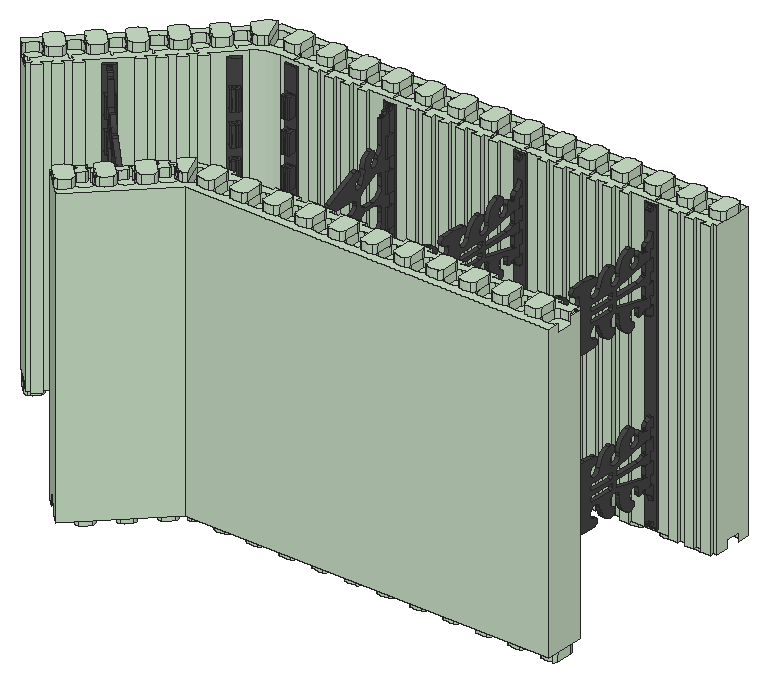
Revit family (continued)
Definition of nested family "10-inch Web"
  Forms (mm)
    Extrusion 1, solid, material "Polypropylene"
      sketch origin (0, 0, -12.7) x (0, 1, 0) y (0, 0, 1)
        loop
          arc (-109.254, 73.536) -> (-104.925, 73.101) -> (-104.225, 77.394) r 3.175
          arc (-104.225, 77.394) -> (-91.953, 89.52) -> (-90.498, 72.329) r 9.525
          arc (-90.498, 72.329) -> (-94.276, 63.126) -> (-85.072, 59.347) r 7.035
          arc (-85.072, 59.347) -> (-72.053, 69.448) -> (-67.064, 85.154) r 27.726
          line (-67.064, 85.154) -> (-67.077, 89.344)
          arc (-67.077, 89.344) -> (-52.509, 96.703) -> (-52.826, 80.385) r 9.525
          arc (-52.826, 80.385) -> (-56.604, 71.181) -> (-47.401, 67.403) r 7.035
          arc (-47.401, 67.403) -> (-34.716, 75.667) -> (-28.7, 89.559) r 26.266
          arc (-28.7, 89.559) -> (-14.132, 96.918) -> (-14.449, 80.599) r 9.525
          arc (-14.449, 80.599) -> (-16.694, 79.894) -> (-19.003, 79.442) r 21.187
          arc (-19.003, 79.442) -> (-23.197, 73.584) -> (-18.131, 68.461) r 5.588
          arc (-18.131, 68.461) -> (-9.105, 67.207) -> (0, 66.816) r 95.946
          arc (0, 66.816) -> (9.105, 67.207) -> (18.131, 68.461) r 95.946
          arc (18.131, 68.461) -> (23.197, 73.584) -> (19.003, 79.442) r 5.588
          arc (19.003, 79.442) -> (16.694, 79.894) -> (14.449, 80.599) r 21.187
          arc (14.449, 80.599) -> (14.132, 96.918) -> (28.7, 89.559) r 9.525
          arc (28.7, 89.559) -> (34.716, 75.667) -> (47.401, 67.403) r 26.266
          arc (47.401, 67.403) -> (56.604, 71.181) -> (52.826, 80.385) r 7.035
          arc (52.826, 80.385) -> (52.509, 96.703) -> (67.077, 89.344) r 9.525
          line (67.077, 89.344) -> (67.064, 85.154)
          arc (67.064, 85.154) -> (72.053, 69.448) -> (85.072, 59.347) r 27.726
          arc (85.072, 59.347) -> (94.276, 63.126) -> (90.498, 72.329) r 7.035
          arc (90.498, 72.329) -> (91.953, 89.52) -> (104.225, 77.394) r 9.525
          arc (104.225, 77.394) -> (104.925, 73.101) -> (109.254, 73.536) r 3.175
          arc (109.254, 73.536) -> (113.345, 76.504) -> (118.325, 77.373) r 11.21
          line (118.325, 77.373) -> (121.006, 77.373) -> (121.006, 75.594) -> (119.799, 75.594)
          arc (119.799, 75.594) -> (118.677, 75.13) -> (118.212, 74.007) r 1.588
          line (118.212, 74.007) -> (118.212, 72.292)
          arc (118.212, 72.292) -> (119.377, 68.626) -> (122.445, 66.306) r 6.35
          arc (122.445, 66.306) -> (128.581, 61.664) -> (130.912, 54.332) r 12.7
          line (130.912, 54.332) -> (130.912, 77.182)
          arc (130.912, 77.182) -> (130.447, 76.059) -> (129.324, 75.594) r 1.587
          line (129.324, 75.594) -> (123.292, 75.594) -> (123.292, 77.373) -> (125.959, 77.373) -> (125.959, 90.072)
        loop
          arc (118.339, 110.392) -> (116.978, 110.588) -> (115.707, 111.112) r 5.556
          arc (115.707, 111.112) -> (110.167, 113.307) -> (104.299, 114.352) r 29.724
          line (104.299, 114.352) -> (62.706, 114.352)
          arc (62.706, 114.352) -> (60.461, 113.422) -> (59.531, 111.177) r 3.175
          line (59.531, 111.177) -> (59.531, 105.785)
          arc (59.531, 105.785) -> (60.228, 103.8) -> (62.013, 102.687) r 3.175
          line (62.013, 102.687) -> (118.339, 90.072) -> (121.006, 90.072) -> (121.006, 91.85) -> (119.799, 91.85)
          arc (119.799, 91.85) -> (118.677, 92.315) -> (118.212, 93.438) r 1.588
          line (118.212, 93.438) -> (118.212, 107.027)
          arc (118.212, 107.027) -> (118.677, 108.15) -> (119.799, 108.614) r 1.588
          line (119.799, 108.614) -> (121.006, 108.614) -> (121.006, 110.392) -> (118.339, 110.392)
        loop
          line (118.339, 143.412) -> (62.013, 130.798)
          arc (62.013, 130.798) -> (60.228, 129.684) -> (59.531, 127.7) r 3.175
          line (59.531, 127.7) -> (59.531, 122.308)
          arc (59.531, 122.308) -> (60.461, 120.063) -> (62.706, 119.133) r 3.175
          line (62.706, 119.133) -> (104.299, 119.133)
          arc (104.299, 119.133) -> (110.167, 120.178) -> (115.707, 122.373) r 29.724
          arc (115.707, 122.373) -> (116.978, 122.897) -> (118.339, 123.092) r 5.556
          line (118.339, 123.092) -> (121.006, 123.092) -> (121.006, 124.87) -> (119.799, 124.87)
          arc (119.799, 124.87) -> (118.677, 125.335) -> (118.212, 126.458) r 1.588
          line (118.212, 126.458) -> (118.212, 140.047)
          arc (118.212, 140.047) -> (118.677, 141.17) -> (119.799, 141.634) r 1.588
          line (119.799, 141.634) -> (121.006, 141.634) -> (121.006, 143.412) -> (118.339, 143.412)
        loop
          arc (51.594, 103.307) -> (53.839, 104.237) -> (54.769, 106.482) r 3.175
          line (54.769, 106.482) -> (54.769, 111.155)
          arc (54.769, 111.155) -> (53.839, 113.4) -> (51.594, 114.33) r 3.175
          line (51.594, 114.33) -> (15.031, 114.33)
          arc (15.031, 114.33) -> (9.519, 108.818) -> (15.031, 103.307) r 5.512
          line (15.031, 103.307) -> (51.594, 103.307)
        loop
          arc (15.031, 130.178) -> (9.519, 124.667) -> (15.031, 119.155) r 5.512
          line (15.031, 119.155) -> (51.594, 119.155)
          arc (51.594, 119.155) -> (53.839, 120.085) -> (54.769, 122.33) r 3.175
          line (54.769, 122.33) -> (54.769, 127.003)
          arc (54.769, 127.003) -> (53.839, 129.248) -> (51.594, 130.178) r 3.175
          line (51.594, 130.178) -> (15.031, 130.178)
        loop
          line (-118.339, 110.392) -> (-121.006, 110.392) -> (-121.006, 108.614) -> (-119.799, 108.614)
          arc (-119.799, 108.614) -> (-118.677, 108.15) -> (-118.212, 107.027) r 1.588
          line (-118.212, 107.027) -> (-118.212, 93.438)
          arc (-118.212, 93.438) -> (-118.677, 92.315) -> (-119.799, 91.85) r 1.588
          line (-119.799, 91.85) -> (-121.006, 91.85) -> (-121.006, 90.072) -> (-118.339, 90.072) -> (-62.013, 102.687)
          arc (-62.013, 102.687) -> (-60.228, 103.8) -> (-59.531, 105.785) r 3.175
          line (-59.531, 105.785) -> (-59.531, 111.177)
          arc (-59.531, 111.177) -> (-60.461, 113.422) -> (-62.706, 114.352) r 3.175
          line (-62.706, 114.352) -> (-104.299, 114.352)
          arc (-104.299, 114.352) -> (-110.167, 113.307) -> (-115.707, 111.112) r 29.724
          arc (-115.707, 111.112) -> (-116.978, 110.588) -> (-118.339, 110.392) r 5.556
        loop
          line (-118.339, 143.412) -> (-121.006, 143.412) -> (-121.006, 141.634) -> (-119.799, 141.634)
          arc (-119.799, 141.634) -> (-118.677, 141.17) -> (-118.212, 140.047) r 1.588
          line (-118.212, 140.047) -> (-118.212, 126.458)
          arc (-118.212, 126.458) -> (-118.677, 125.335) -> (-119.799, 124.87) r 1.588
          line (-119.799, 124.87) -> (-121.006, 124.87) -> (-121.006, 123.092) -> (-118.339, 123.092)
          arc (-118.339, 123.092) -> (-116.978, 122.897) -> (-115.707, 122.373) r 5.556
          arc (-115.707, 122.373) -> (-110.167, 120.178) -> (-104.299, 119.133) r 29.724
          line (-104.299, 119.133) -> (-62.706, 119.133)
          arc (-62.706, 119.133) -> (-60.461, 120.063) -> (-59.531, 122.308) r 3.175
          line (-59.531, 122.308) -> (-59.531, 127.7)
          arc (-59.531, 127.7) -> (-60.228, 129.684) -> (-62.013, 130.798) r 3.175
          line (-62.013, 130.798) -> (-118.339, 143.412)
        loop
          line (-51.594, 103.307) -> (-15.031, 103.307)
          arc (-15.031, 103.307) -> (-9.519, 108.818) -> (-15.031, 114.33) r 5.512
          line (-15.031, 114.33) -> (-51.594, 114.33)
          arc (-51.594, 114.33) -> (-53.839, 113.4) -> (-54.769, 111.155) r 3.175
          line (-54.769, 111.155) -> (-54.769, 106.482)
          arc (-54.769, 106.482) -> (-53.839, 104.237) -> (-51.594, 103.307) r 3.175
        loop
          line (-15.031, 130.178) -> (-51.594, 130.178)
          arc (-51.594, 130.178) -> (-53.839, 129.248) -> (-54.769, 127.003) r 3.175
          line (-54.769, 127.003) -> (-54.769, 122.33)
          arc (-54.769, 122.33) -> (-53.839, 120.085) -> (-51.594, 119.155) r 3.175
          line (-51.594, 119.155) -> (-15.031, 119.155)
          arc (-15.031, 119.155) -> (-9.519, 124.667) -> (-15.031, 130.178) r 5.512
      from -3.175 to 3.175
    Extrusion 2, solid, material "Polypropylene"
      sketch origin (0, 0, 0) x (0, 1, 0) y (0, 0, 1)
        loop
          line (131.699, 452.438) -> (131.699, 4.762)
          arc (131.699, 4.762) -> (132.187, 3.618) -> (133.35, 3.176) r 1.588
          arc (133.35, 3.176) -> (134.513, 3.618) -> (135.001, 4.762) r 1.588
          line (135.001, 4.762) -> (135.001, 452.437)
          arc (135.001, 452.437) -> (134.513, 453.582) -> (133.35, 454.024) r 1.588
          arc (133.35, 454.024) -> (132.187, 453.582) -> (131.699, 452.438) r 1.588
        loop
          arc (-131.699, 452.438) -> (-132.187, 453.582) -> (-133.35, 454.024) r 1.588
          arc (-133.35, 454.024) -> (-134.513, 453.582) -> (-135.001, 452.437) r 1.588
          line (-135.001, 452.437) -> (-135.001, 4.762)
          arc (-135.001, 4.762) -> (-134.513, 3.618) -> (-133.35, 3.176) r 1.588
          arc (-133.35, 3.176) -> (-132.187, 3.618) -> (-131.699, 4.762) r 1.588
          line (-131.699, 4.762) -> (-131.699, 452.438)
      from -9.227 to 9.227
Definition of nested family "10-inch Insert Web"
  Reference planes
    plane 1 "Center (Front/Back)": y = 0
    plane 2: z = 0
    plane 3 "Center (Left/Right)": x = 0
  Forms (mm)
    Extrusion 1, solid, material "High Density Polystyrene"
      sketch origin (0, 0, 0) x (0, 1, 0) y (0, 0, 1)
        loop
          line (133.35, 0) -> (133.35, 450.744)
          arc (133.35, 450.744) -> (132.617, 450.243) -> (132.334, 449.4) r 1.397
          line (132.334, 449.4) -> (132.334, 1.344)
          arc (132.334, 1.344) -> (132.617, 0.502) -> (133.35, 0) r 1.397
        loop
          arc (-133.35, 0) -> (-132.617, 0.502) -> (-132.334, 1.344) r 1.397
          line (-132.334, 1.344) -> (-132.334, 449.4)
          arc (-132.334, 449.4) -> (-132.617, 450.243) -> (-133.35, 450.744) r 1.397
          line (-133.35, 450.744) -> (-133.35, 0)
      from 9.227 to -9.227
    Extrusion 2, solid, material "High Density Polystyrene"
      sketch origin (0, 0, 0) x (0, 1, 0) y (0, 0, 1)
        loop
          arc (131.798, 442.16) -> (132.175, 442.021) -> (132.334, 441.652) r 0.508
          line (132.334, 441.652) -> (132.334, 447.972)
          arc (132.334, 447.972) -> (132.229, 447.585) -> (131.942, 447.306) r 0.762
          line (131.942, 447.306) -> (130.186, 446.33)
          arc (130.186, 446.33) -> (129.899, 446.05) -> (129.794, 445.664) r 0.762
          line (129.794, 445.664) -> (129.794, 442.585)
          arc (129.794, 442.585) -> (129.953, 442.216) -> (130.33, 442.078) r 0.508
          line (130.33, 442.078) -> (131.798, 442.16)
        loop
          line (-130.186, 446.33) -> (-131.942, 447.306)
          arc (-131.942, 447.306) -> (-132.229, 447.585) -> (-132.334, 447.972) r 0.762
          line (-132.334, 447.972) -> (-132.334, 441.652)
          arc (-132.334, 441.652) -> (-132.175, 442.021) -> (-131.798, 442.16) r 0.508
          line (-131.798, 442.16) -> (-130.33, 442.078)
          arc (-130.33, 442.078) -> (-129.953, 442.216) -> (-129.794, 442.585) r 0.508
          line (-129.794, 442.585) -> (-129.794, 445.664)
          arc (-129.794, 445.664) -> (-129.899, 446.05) -> (-130.186, 446.33) r 0.762
        loop
          line (131.798, 8.585) -> (130.33, 8.666)
          arc (130.33, 8.666) -> (129.953, 8.528) -> (129.794, 8.159) r 0.508
          line (129.794, 8.159) -> (129.794, 5.08)
          arc (129.794, 5.08) -> (129.899, 4.694) -> (130.186, 4.414) r 0.762
          line (130.186, 4.414) -> (131.942, 3.439)
          arc (131.942, 3.439) -> (132.229, 3.159) -> (132.334, 2.772) r 0.762
          line (132.334, 2.772) -> (132.334, 9.092)
          arc (132.334, 9.092) -> (132.175, 8.723) -> (131.798, 8.585) r 0.508
        loop
          arc (-130.186, 4.414) -> (-129.899, 4.694) -> (-129.794, 5.08) r 0.762
          line (-129.794, 5.08) -> (-129.794, 8.159)
          arc (-129.794, 8.159) -> (-129.953, 8.528) -> (-130.33, 8.666) r 0.508
          line (-130.33, 8.666) -> (-131.798, 8.585)
          arc (-131.798, 8.585) -> (-132.175, 8.723) -> (-132.334, 9.092) r 0.508
          line (-132.334, 9.092) -> (-132.334, 2.772)
          arc (-132.334, 2.772) -> (-132.229, 3.159) -> (-131.942, 3.439) r 0.762
          line (-131.942, 3.439) -> (-130.186, 4.414)
        loop
          line (127, 437.076) -> (125.095, 442.918)
          arc (125.095, 442.918) -> (123.825, 443.68) -> (122.555, 442.918) r 1.439
          line (122.555, 442.918) -> (121.313, 439.108) -> (118.083, 439.108)
          arc (118.083, 439.108) -> (117.204, 438.744) -> (116.84, 437.865) r 1.243
          line (116.84, 437.865) -> (116.84, 437.076) -> (114.3, 437.076) -> (114.3, 400.201)
          arc (114.3, 400.201) -> (112.544, 393.421) -> (107.718, 388.345) r 13.97
          arc (107.718, 388.345) -> (106.485, 386.915) -> (106.281, 385.039) r 3.175
          arc (106.281, 385.039) -> (94.976, 376.743) -> (95.802, 390.741) r 7.747
          arc (95.802, 390.741) -> (98.914, 398.005) -> (91.65, 401.117) r 5.588
          arc (91.65, 401.117) -> (82.659, 393.619) -> (79.799, 382.266) r 18.923
          arc (79.799, 382.266) -> (78.691, 371.727) -> (75.421, 361.646) r 50.8
          arc (75.421, 361.646) -> (62.744, 361.552) -> (66.95, 373.51) r 7.747
          arc (66.95, 373.51) -> (70.834, 381.929) -> (61.911, 384.447) r 6.096
          line (61.911, 384.447) -> (12.7, 361.328)
          arc (12.7, 361.328) -> (6.523, 359.099) -> (0, 358.343) r 28.508
          arc (0, 358.343) -> (-6.523, 359.099) -> (-12.7, 361.328) r 28.508
          line (-12.7, 361.328) -> (-61.911, 384.447)
          arc (-61.911, 384.447) -> (-70.834, 381.929) -> (-66.95, 373.51) r 6.096
          arc (-66.95, 373.51) -> (-62.744, 361.552) -> (-75.421, 361.646) r 7.747
          arc (-75.421, 361.646) -> (-78.691, 371.727) -> (-79.799, 382.266) r 50.8
          arc (-79.799, 382.266) -> (-82.659, 393.619) -> (-91.65, 401.117) r 18.923
          arc (-91.65, 401.117) -> (-98.914, 398.005) -> (-95.802, 390.741) r 5.588
          arc (-95.802, 390.741) -> (-94.976, 376.743) -> (-106.281, 385.039) r 7.747
          arc (-106.281, 385.039) -> (-106.485, 386.915) -> (-107.718, 388.345) r 3.175
          arc (-107.718, 388.345) -> (-112.544, 393.421) -> (-114.3, 400.201) r 13.97
          line (-114.3, 400.201) -> (-114.3, 437.076) -> (-116.84, 437.076) -> (-116.84, 437.865)
          arc (-116.84, 437.865) -> (-117.204, 438.744) -> (-118.083, 439.108) r 1.243
          line (-118.083, 439.108) -> (-121.313, 439.108) -> (-122.555, 442.918)
          arc (-122.555, 442.918) -> (-123.825, 443.68) -> (-125.095, 442.918) r 1.439
          line (-125.095, 442.918) -> (-127, 437.076) -> (-127, 16.896) -> (-125.095, 11.054)
          arc (-125.095, 11.054) -> (-123.825, 10.292) -> (-122.555, 11.054) r 1.439
          line (-122.555, 11.054) -> (-121.313, 14.864) -> (-118.083, 14.864)
          arc (-118.083, 14.864) -> (-117.204, 15.228) -> (-116.84, 16.107) r 1.243
          line (-116.84, 16.107) -> (-116.84, 16.896) -> (-114.3, 16.896) -> (-114.3, 56.999)
          arc (-114.3, 56.999) -> (-112.544, 63.779) -> (-107.718, 68.855) r 13.97
          arc (-107.718, 68.855) -> (-106.485, 70.285) -> (-106.281, 72.161) r 3.175
          arc (-106.281, 72.161) -> (-94.976, 80.457) -> (-95.802, 66.459) r 7.747
          arc (-95.802, 66.459) -> (-98.914, 59.195) -> (-91.65, 56.083) r 5.588
          arc (-91.65, 56.083) -> (-82.659, 63.581) -> (-79.799, 74.934) r 18.923
          arc (-79.799, 74.934) -> (-78.691, 85.473) -> (-75.421, 95.554) r 50.8
          arc (-75.421, 95.554) -> (-62.744, 95.648) -> (-66.95, 83.69) r 7.747
          arc (-66.95, 83.69) -> (-70.834, 75.271) -> (-61.911, 72.753) r 6.096
          line (-61.911, 72.753) -> (-12.7, 95.872)
          arc (-12.7, 95.872) -> (-6.523, 98.101) -> (0, 98.857) r 28.508
          arc (0, 98.857) -> (6.523, 98.101) -> (12.7, 95.872) r 28.508
          line (12.7, 95.872) -> (61.911, 72.753)
          arc (61.911, 72.753) -> (70.834, 75.271) -> (66.95, 83.69) r 6.096
          arc (66.95, 83.69) -> (62.744, 95.648) -> (75.421, 95.554) r 7.747
          arc (75.421, 95.554) -> (78.691, 85.473) -> (79.799, 74.934) r 50.8
          arc (79.799, 74.934) -> (82.659, 63.581) -> (91.65, 56.083) r 18.923
          arc (91.65, 56.083) -> (98.914, 59.195) -> (95.802, 66.459) r 5.588
          arc (95.802, 66.459) -> (94.976, 80.457) -> (106.281, 72.161) r 7.747
          arc (106.281, 72.161) -> (106.485, 70.285) -> (107.718, 68.855) r 3.175
          arc (107.718, 68.855) -> (112.544, 63.779) -> (114.3, 56.999) r 13.97
          line (114.3, 56.999) -> (114.3, 16.896) -> (116.84, 16.896) -> (116.84, 16.107)
          arc (116.84, 16.107) -> (117.204, 15.228) -> (118.083, 14.864) r 1.243
          line (118.083, 14.864) -> (121.313, 14.864) -> (122.555, 11.054)
          arc (122.555, 11.054) -> (123.825, 10.292) -> (125.095, 11.054) r 1.439
          line (125.095, 11.054) -> (127, 16.896) -> (127, 437.076)
        loop
          line (0, 348.183) -> (-51.41, 348.183)
          arc (-51.41, 348.183) -> (-54.937, 348.292) -> (-58.451, 348.618) r 57.15
          arc (-58.451, 348.618) -> (-63.029, 345.093) -> (-66.04, 340.162) r 15.855
          line (-66.04, 340.162) -> (-66.04, 336.963)
          arc (-66.04, 336.963) -> (-62.352, 331.126) -> (-56.515, 327.438) r 15.684
          line (-56.515, 327.438) -> (0, 327.438) -> (56.515, 327.438)
          arc (56.515, 327.438) -> (62.352, 331.126) -> (66.04, 336.963) r 15.684
          line (66.04, 336.963) -> (66.04, 340.162)
          arc (66.04, 340.162) -> (63.029, 345.093) -> (58.451, 348.618) r 15.855
          arc (58.451, 348.618) -> (54.937, 348.292) -> (51.41, 348.183) r 57.15
          line (51.41, 348.183) -> (0, 348.183)
        loop
          line (0, 322.866) -> (-56.535, 322.866)
          arc (-56.535, 322.866) -> (-62.36, 319.178) -> (-66.04, 313.348) r 15.684
          line (-66.04, 313.348) -> (-66.04, 310.148)
          arc (-66.04, 310.148) -> (-63.03, 305.218) -> (-58.453, 301.693) r 15.855
          arc (-58.453, 301.693) -> (-54.928, 302.022) -> (-51.389, 302.131) r 57.15
          line (-51.389, 302.131) -> (0, 302.131) -> (51.389, 302.131)
          arc (51.389, 302.131) -> (54.928, 302.022) -> (58.453, 301.693) r 57.15
          arc (58.453, 301.693) -> (63.03, 305.218) -> (66.04, 310.148) r 15.855
          line (66.04, 310.148) -> (66.04, 313.348)
          arc (66.04, 313.348) -> (62.36, 319.178) -> (56.535, 322.866) r 15.684
          line (56.535, 322.866) -> (0, 322.866)
        loop
          line (78.437, 295.422) -> (100.738, 284.985)
          arc (100.738, 284.985) -> (109.887, 285.575) -> (114.3, 293.612) r 9.525
          line (114.3, 293.612) -> (114.3, 306.991)
          arc (114.3, 306.991) -> (109.65, 318.216) -> (98.425, 322.866) r 15.875
          line (98.425, 322.866) -> (83.82, 322.866)
          arc (83.82, 322.866) -> (74.84, 319.146) -> (71.12, 310.166) r 12.7
          line (71.12, 310.166) -> (71.12, 306.925)
          arc (71.12, 306.925) -> (73.104, 300.108) -> (78.437, 295.422) r 12.7
        loop
          line (114.3, 343.313) -> (114.3, 356.692)
          arc (114.3, 356.692) -> (109.887, 364.729) -> (100.738, 365.319) r 9.525
          line (100.738, 365.319) -> (78.437, 354.882)
          arc (78.437, 354.882) -> (73.104, 350.196) -> (71.12, 343.38) r 12.7
          line (71.12, 343.38) -> (71.12, 340.138)
          arc (71.12, 340.138) -> (74.84, 331.158) -> (83.82, 327.438) r 12.7
          line (83.82, 327.438) -> (98.425, 327.438)
          arc (98.425, 327.438) -> (109.65, 332.088) -> (114.3, 343.313) r 15.875
        loop
          line (106.983, 277.014) -> (75.025, 291.971)
          arc (75.025, 291.971) -> (63.208, 295.996) -> (50.8, 297.359) r 57.15
          line (50.8, 297.359) -> (0, 297.359) -> (-50.8, 297.359)
          arc (-50.8, 297.359) -> (-63.208, 295.996) -> (-75.025, 291.971) r 57.15
          line (-75.025, 291.971) -> (-106.983, 277.014)
          arc (-106.983, 277.014) -> (-112.316, 272.328) -> (-114.3, 265.512) r 12.7
          line (-114.3, 265.512) -> (-114.3, 236.534) -> (-111.252, 231.454) -> (-111.252, 228.6) -> (-111.252, 225.746) -> (-114.3, 220.666) -> (-114.3, 191.688)
          arc (-114.3, 191.688) -> (-112.316, 184.872) -> (-106.983, 180.186) r 12.7
          line (-106.983, 180.186) -> (-75.025, 165.229)
          arc (-75.025, 165.229) -> (-63.208, 161.204) -> (-50.8, 159.841) r 57.15
          line (-50.8, 159.841) -> (0, 159.841) -> (50.8, 159.841)
          arc (50.8, 159.841) -> (63.208, 161.204) -> (75.025, 165.229) r 57.15
          line (75.025, 165.229) -> (106.983, 180.186)
          arc (106.983, 180.186) -> (112.316, 184.872) -> (114.3, 191.688) r 12.7
          line (114.3, 191.688) -> (114.3, 220.666) -> (111.252, 225.746) -> (111.252, 228.6) -> (111.252, 231.454) -> (114.3, 236.534) -> (114.3, 265.512)
          arc (114.3, 265.512) -> (112.316, 272.328) -> (106.983, 277.014) r 12.7
        loop
          arc (-78.437, 295.422) -> (-73.104, 300.108) -> (-71.12, 306.925) r 12.7
          line (-71.12, 306.925) -> (-71.12, 310.166)
          arc (-71.12, 310.166) -> (-74.84, 319.146) -> (-83.82, 322.866) r 12.7
          line (-83.82, 322.866) -> (-98.425, 322.866)
          arc (-98.425, 322.866) -> (-109.65, 318.216) -> (-114.3, 306.991) r 15.875
          line (-114.3, 306.991) -> (-114.3, 293.612)
          arc (-114.3, 293.612) -> (-109.887, 285.575) -> (-100.738, 284.985) r 9.525
          line (-100.738, 284.985) -> (-78.437, 295.422)
        loop
          arc (-114.3, 343.313) -> (-109.65, 332.088) -> (-98.425, 327.438) r 15.875
          line (-98.425, 327.438) -> (-83.82, 327.438)
          arc (-83.82, 327.438) -> (-74.84, 331.158) -> (-71.12, 340.138) r 12.7
          line (-71.12, 340.138) -> (-71.12, 343.38)
          arc (-71.12, 343.38) -> (-73.104, 350.196) -> (-78.437, 354.882) r 12.7
          line (-78.437, 354.882) -> (-100.738, 365.319)
          arc (-100.738, 365.319) -> (-109.887, 364.729) -> (-114.3, 356.692) r 9.525
          line (-114.3, 356.692) -> (-114.3, 343.313)
        loop
          line (0, 109.017) -> (51.41, 109.017)
          arc (51.41, 109.017) -> (54.937, 108.908) -> (58.451, 108.582) r 57.15
          arc (58.451, 108.582) -> (63.029, 112.107) -> (66.04, 117.038) r 15.855
          line (66.04, 117.038) -> (66.04, 120.237)
          arc (66.04, 120.237) -> (62.352, 126.074) -> (56.515, 129.762) r 15.684
          line (56.515, 129.762) -> (0, 129.762) -> (-56.515, 129.762)
          arc (-56.515, 129.762) -> (-62.352, 126.074) -> (-66.04, 120.237) r 15.684
          line (-66.04, 120.237) -> (-66.04, 117.038)
          arc (-66.04, 117.038) -> (-63.029, 112.107) -> (-58.451, 108.582) r 15.855
          arc (-58.451, 108.582) -> (-54.937, 108.908) -> (-51.41, 109.017) r 57.15
          line (-51.41, 109.017) -> (0, 109.017)
        loop
          line (0, 134.334) -> (56.535, 134.334)
          arc (56.535, 134.334) -> (62.36, 138.022) -> (66.04, 143.852) r 15.684
          line (66.04, 143.852) -> (66.04, 147.052)
          arc (66.04, 147.052) -> (63.03, 151.982) -> (58.453, 155.507) r 15.855
          arc (58.453, 155.507) -> (54.928, 155.178) -> (51.389, 155.069) r 57.15
          line (51.389, 155.069) -> (0, 155.069) -> (-51.389, 155.069)
          arc (-51.389, 155.069) -> (-54.928, 155.178) -> (-58.453, 155.507) r 57.15
          arc (-58.453, 155.507) -> (-63.03, 151.982) -> (-66.04, 147.052) r 15.855
          line (-66.04, 147.052) -> (-66.04, 143.852)
          arc (-66.04, 143.852) -> (-62.36, 138.022) -> (-56.535, 134.334) r 15.684
          line (-56.535, 134.334) -> (0, 134.334)
        loop
          arc (78.437, 161.778) -> (73.104, 157.092) -> (71.12, 150.275) r 12.7
          line (71.12, 150.275) -> (71.12, 147.034)
          arc (71.12, 147.034) -> (74.84, 138.054) -> (83.82, 134.334) r 12.7
          line (83.82, 134.334) -> (98.425, 134.334)
          arc (98.425, 134.334) -> (109.65, 138.984) -> (114.3, 150.209) r 15.875
          line (114.3, 150.209) -> (114.3, 163.588)
          arc (114.3, 163.588) -> (109.887, 171.625) -> (100.738, 172.215) r 9.525
          line (100.738, 172.215) -> (78.437, 161.778)
        loop
          arc (114.3, 113.887) -> (109.65, 125.112) -> (98.425, 129.762) r 15.875
          line (98.425, 129.762) -> (83.82, 129.762)
          arc (83.82, 129.762) -> (74.84, 126.042) -> (71.12, 117.062) r 12.7
          line (71.12, 117.062) -> (71.12, 113.82)
          arc (71.12, 113.82) -> (73.104, 107.004) -> (78.437, 102.318) r 12.7
          line (78.437, 102.318) -> (100.738, 91.881)
          arc (100.738, 91.881) -> (109.887, 92.471) -> (114.3, 100.508) r 9.525
          line (114.3, 100.508) -> (114.3, 113.887)
        loop
          line (-78.437, 161.778) -> (-100.738, 172.215)
          arc (-100.738, 172.215) -> (-109.887, 171.625) -> (-114.3, 163.588) r 9.525
          line (-114.3, 163.588) -> (-114.3, 150.209)
          arc (-114.3, 150.209) -> (-109.65, 138.984) -> (-98.425, 134.334) r 15.875
          line (-98.425, 134.334) -> (-83.82, 134.334)
          arc (-83.82, 134.334) -> (-74.84, 138.054) -> (-71.12, 147.034) r 12.7
          line (-71.12, 147.034) -> (-71.12, 150.275)
          arc (-71.12, 150.275) -> (-73.104, 157.092) -> (-78.437, 161.778) r 12.7
        loop
          line (-114.3, 113.887) -> (-114.3, 100.508)
          arc (-114.3, 100.508) -> (-109.887, 92.471) -> (-100.738, 91.881) r 9.525
          line (-100.738, 91.881) -> (-78.437, 102.318)
          arc (-78.437, 102.318) -> (-73.104, 107.004) -> (-71.12, 113.82) r 12.7
          line (-71.12, 113.82) -> (-71.12, 117.062)
          arc (-71.12, 117.062) -> (-74.84, 126.042) -> (-83.82, 129.762) r 12.7
          line (-83.82, 129.762) -> (-98.425, 129.762)
          arc (-98.425, 129.762) -> (-109.65, 125.112) -> (-114.3, 113.887) r 15.875
      from 3.175 to -3.175
    Extrusion 3, solid, material "High Density Polystyrene"
      sketch origin (0, 0, 0) x (0, 1, 0) y (0, 0, 1)
        loop
          line (132.334, 410.919) -> (119.634, 410.919) -> (119.634, 380.439) -> (132.334, 380.439) -> (132.334, 410.919)
        loop
          line (132.334, 361.389) -> (119.634, 361.389) -> (119.634, 330.909) -> (132.334, 330.909) -> (132.334, 361.389)
        loop
          line (132.334, 311.859) -> (119.634, 311.859) -> (119.634, 281.379) -> (132.334, 281.379) -> (132.334, 311.859)
        loop
          line (132.334, 262.329) -> (119.634, 262.329) -> (119.634, 234.897) -> (132.334, 234.897) -> (132.334, 262.329)
        loop
          line (132.334, 215.847) -> (119.634, 215.847) -> (119.634, 188.415) -> (132.334, 188.415) -> (132.334, 215.847)
        loop
          line (132.334, 169.365) -> (119.634, 169.365) -> (119.634, 138.885) -> (132.334, 138.885) -> (132.334, 169.365)
        loop
          line (132.334, 119.835) -> (119.634, 119.835) -> (119.634, 89.355) -> (132.334, 89.355) -> (132.334, 119.835)
        loop
          line (132.334, 70.305) -> (119.634, 70.305) -> (119.634, 39.825) -> (132.334, 39.825) -> (132.334, 70.305)
        loop
          line (-132.334, 410.919) -> (-132.334, 380.439) -> (-119.634, 380.439) -> (-119.634, 410.919) -> (-132.334, 410.919)
        loop
          line (-132.334, 361.389) -> (-132.334, 330.909) -> (-119.634, 330.909) -> (-119.634, 361.389) -> (-132.334, 361.389)
        loop
          line (-132.334, 311.859) -> (-132.334, 281.379) -> (-119.634, 281.379) -> (-119.634, 311.859) -> (-132.334, 311.859)
        loop
          line (-132.334, 262.329) -> (-132.334, 234.897) -> (-119.634, 234.897) -> (-119.634, 262.329) -> (-132.334, 262.329)
        loop
          line (-132.334, 215.847) -> (-132.334, 188.415) -> (-119.634, 188.415) -> (-119.634, 215.847) -> (-132.334, 215.847)
        loop
          line (-132.334, 169.365) -> (-132.334, 138.885) -> (-119.634, 138.885) -> (-119.634, 169.365) -> (-132.334, 169.365)
        loop
          line (-132.334, 119.835) -> (-132.334, 89.355) -> (-119.634, 89.355) -> (-119.634, 119.835) -> (-132.334, 119.835)
        loop
          line (-132.334, 70.305) -> (-132.334, 39.825) -> (-119.634, 39.825) -> (-119.634, 70.305) -> (-132.334, 70.305)
      from 6.35 to -6.35
    Extrusion 4, void
      sketch origin (0, 50.8, 0) x (1, 0, 0) y (0, 1, 0)
        loop
          line (-6.35, 70.929) -> (-6.35, 68.834) -> (-4.255, 68.834)
          arc (-4.255, 68.834) -> (-5.736, 69.448) -> (-6.35, 70.929) r 2.095
      from 0 to 457.2
    Extrusion 5, void
      sketch origin (0, 50.8, 0) x (-1, 0, 0) y (0, -1, 0)
        loop
          arc (-6.35, -70.929) -> (-5.736, -69.448) -> (-4.255, -68.834) r 2.095
          line (-4.255, -68.834) -> (-6.35, -68.834) -> (-6.35, -70.929)
      from 0 to 457.2
    Extrusion 6, void
      sketch origin (0, -50.8, 0) x (1, 0, 0) y (0, 1, 0)
        loop
          arc (-6.35, -70.929) -> (-5.736, -69.448) -> (-4.255, -68.834) r 2.095
          line (-4.255, -68.834) -> (-6.35, -68.834) -> (-6.35, -70.929)
      from 0 to 457.2
    Extrusion 7, void
      sketch origin (0, -50.8, 0) x (-1, 0, 0) y (0, -1, 0)
        loop
          line (-6.35, 70.929) -> (-6.35, 68.834) -> (-4.255, 68.834)
          arc (-4.255, 68.834) -> (-5.736, 69.448) -> (-6.35, 70.929) r 2.095
      from 0 to 457.2
  Cuts and joins
    Extrusion 4, Extrusion 5, Extrusion 6, Extrusion 7 cuts Extrusion 1
    Extrusion 4, Extrusion 5, Extrusion 6, Extrusion 7 cuts Extrusion 3
Definition of nested family "NUDURA Diamond Pattern"
  Reference planes
    plane 1 "Center (Front/Back)": y = 0
    plane 2: z = 0
    plane 3 "Center (Left/Right)": x = 0
    plane 4: z = 457.2
  Lines and regions (mm)
    model lines
      curve 1: line (203.2, -142.875, 457.2) -> (203.2, -142.875, 0)
      curve 2: line (152.4, -142.875, 457.2) -> (152.4, -142.875, 0)
      curve 3: line (50.8, -142.875, 457.2) -> (50.8, -142.875, 0)
      curve 4: line (85.183, -142.875, 431.415) -> (93.906, -142.875, 422.692)
      curve 5: arc (85.183, -142.875, 444.885) -> (82.394, -142.875, 438.15) -> (85.183, -142.875, 431.415) r 9.525
      curve 6: line (94.708, -142.875, 454.41) -> (85.183, -142.875, 444.885)
      curve 7: arc (108.179, -142.875, 454.41) -> (101.444, -142.875, 457.2) -> (94.708, -142.875, 454.41) r 9.525
      curve 8: line (117.704, -142.875, 444.885) -> (108.179, -142.875, 454.41)
      curve 9: arc (117.704, -142.875, 431.415) -> (120.494, -142.875, 438.15) -> (117.704, -142.875, 444.885) r 9.525
      curve 10: line (108.981, -142.875, 422.692) -> (117.704, -142.875, 431.415)
      curve 11: arc (105.934, -142.875, 452.165) -> (101.444, -142.875, 454.025) -> (96.953, -142.875, 452.165) r 6.35
      curve 12: line (115.459, -142.875, 442.64) -> (105.934, -142.875, 452.165)
      curve 13: arc (115.459, -142.875, 433.66) -> (117.319, -142.875, 438.15) -> (115.459, -142.875, 442.64) r 6.35
      curve 14: line (105.934, -142.875, 424.135) -> (115.459, -142.875, 433.66)
      curve 15: arc (96.953, -142.875, 424.135) -> (101.444, -142.875, 422.275) -> (105.934, -142.875, 424.135) r 6.35
      curve 16: line (87.428, -142.875, 433.66) -> (96.953, -142.875, 424.135)
      curve 17: arc (87.428, -142.875, 442.64) -> (85.569, -142.875, 438.15) -> (87.428, -142.875, 433.66) r 6.35
      curve 18: line (96.953, -142.875, 452.165) -> (87.428, -142.875, 442.64)
      curve 19: arc (93.906, -142.875, 415.508) -> (95.394, -142.875, 419.1) -> (93.906, -142.875, 422.692) r 5.08
      curve 20: line (117.704, -142.875, 406.785) -> (108.981, -142.875, 415.508)
      curve 21: arc (117.704, -142.875, 393.315) -> (120.494, -142.875, 400.05) -> (117.704, -142.875, 406.785) r 9.525
      curve 22: line (108.981, -142.875, 384.592) -> (117.704, -142.875, 393.315)
      curve 23: line (85.183, -142.875, 393.315) -> (93.906, -142.875, 384.592)
      curve 24: arc (85.183, -142.875, 406.785) -> (82.394, -142.875, 400.05) -> (85.183, -142.875, 393.315) r 9.525
      curve 25: line (93.906, -142.875, 415.508) -> (85.183, -142.875, 406.785)
      curve 26: arc (105.934, -142.875, 414.065) -> (101.444, -142.875, 415.925) -> (96.953, -142.875, 414.065) r 6.35
      curve 27: line (96.953, -142.875, 414.065) -> (87.428, -142.875, 404.54)
      curve 28: arc (87.428, -142.875, 404.54) -> (85.569, -142.875, 400.05) -> (87.428, -142.875, 395.56) r 6.35
      curve 29: line (87.428, -142.875, 395.56) -> (96.953, -142.875, 386.035)
      curve 30: arc (96.953, -142.875, 386.035) -> (101.444, -142.875, 384.175) -> (105.934, -142.875, 386.035) r 6.35
      curve 31: line (105.934, -142.875, 386.035) -> (115.459, -142.875, 395.56)
      curve 32: arc (115.459, -142.875, 395.56) -> (117.319, -142.875, 400.05) -> (115.459, -142.875, 404.54) r 6.35
      curve 33: line (115.459, -142.875, 404.54) -> (105.934, -142.875, 414.065)
      curve 34: arc (93.906, -142.875, 377.408) -> (95.394, -142.875, 381) -> (93.906, -142.875, 384.592) r 5.08
      curve 35: line (117.704, -142.875, 368.685) -> (108.981, -142.875, 377.408)
      curve 36: arc (117.704, -142.875, 355.215) -> (120.494, -142.875, 361.95) -> (117.704, -142.875, 368.685) r 9.525
      curve 37: line (108.981, -142.875, 346.492) -> (117.704, -142.875, 355.215)
      curve 38: line (85.183, -142.875, 355.215) -> (93.906, -142.875, 346.492)
      curve 39: arc (85.183, -142.875, 368.685) -> (82.394, -142.875, 361.95) -> (85.183, -142.875, 355.215) r 9.525
      curve 40: line (93.906, -142.875, 377.408) -> (85.183, -142.875, 368.685)
      curve 41: arc (105.934, -142.875, 375.965) -> (101.444, -142.875, 377.825) -> (96.953, -142.875, 375.965) r 6.35
      curve 42: line (96.953, -142.875, 375.965) -> (87.428, -142.875, 366.44)
      curve 43: arc (87.428, -142.875, 366.44) -> (85.569, -142.875, 361.95) -> (87.428, -142.875, 357.46) r 6.35
      curve 44: line (87.428, -142.875, 357.46) -> (96.953, -142.875, 347.935)
      curve 45: arc (96.953, -142.875, 347.935) -> (101.444, -142.875, 346.075) -> (105.934, -142.875, 347.935) r 6.35
      curve 46: line (105.934, -142.875, 347.935) -> (115.459, -142.875, 357.46)
      curve 47: arc (115.459, -142.875, 357.46) -> (117.319, -142.875, 361.95) -> (115.459, -142.875, 366.44) r 6.35
      curve 48: line (115.459, -142.875, 366.44) -> (105.934, -142.875, 375.965)
      curve 49: arc (93.906, -142.875, 339.308) -> (95.394, -142.875, 342.9) -> (93.906, -142.875, 346.492) r 5.08
      curve 50: line (117.704, -142.875, 330.585) -> (108.981, -142.875, 339.308)
      curve 51: arc (117.704, -142.875, 317.115) -> (120.494, -142.875, 323.85) -> (117.704, -142.875, 330.585) r 9.525
      curve 52: line (108.981, -142.875, 308.392) -> (117.704, -142.875, 317.115)
      curve 53: line (85.183, -142.875, 317.115) -> (93.906, -142.875, 308.392)
      curve 54: arc (85.183, -142.875, 330.585) -> (82.394, -142.875, 323.85) -> (85.183, -142.875, 317.115) r 9.525
      curve 55: line (93.906, -142.875, 339.308) -> (85.183, -142.875, 330.585)
      curve 56: arc (105.934, -142.875, 337.865) -> (101.444, -142.875, 339.725) -> (96.953, -142.875, 337.865) r 6.35
      curve 57: line (96.953, -142.875, 337.865) -> (87.428, -142.875, 328.34)
      curve 58: arc (87.428, -142.875, 328.34) -> (85.569, -142.875, 323.85) -> (87.428, -142.875, 319.36) r 6.35
      curve 59: line (87.428, -142.875, 319.36) -> (96.953, -142.875, 309.835)
      curve 60: arc (96.953, -142.875, 309.835) -> (101.444, -142.875, 307.975) -> (105.934, -142.875, 309.835) r 6.35
      curve 61: line (105.934, -142.875, 309.835) -> (115.459, -142.875, 319.36)
      curve 62: arc (115.459, -142.875, 319.36) -> (117.319, -142.875, 323.85) -> (115.459, -142.875, 328.34) r 6.35
      curve 63: line (115.459, -142.875, 328.34) -> (105.934, -142.875, 337.865)
      curve 64: arc (93.906, -142.875, 301.208) -> (95.394, -142.875, 304.8) -> (93.906, -142.875, 308.392) r 5.08
      curve 65: line (117.704, -142.875, 292.485) -> (108.981, -142.875, 301.208)
      curve 66: arc (117.704, -142.875, 279.015) -> (120.494, -142.875, 285.75) -> (117.704, -142.875, 292.485) r 9.525
      curve 67: line (108.981, -142.875, 270.292) -> (117.704, -142.875, 279.015)
      curve 68: line (85.183, -142.875, 279.015) -> (93.906, -142.875, 270.292)
      curve 69: arc (85.183, -142.875, 292.485) -> (82.394, -142.875, 285.75) -> (85.183, -142.875, 279.015) r 9.525
      curve 70: line (93.906, -142.875, 301.208) -> (85.183, -142.875, 292.485)
      curve 71: arc (105.934, -142.875, 299.765) -> (101.444, -142.875, 301.625) -> (96.953, -142.875, 299.765) r 6.35
      curve 72: line (96.953, -142.875, 299.765) -> (87.428, -142.875, 290.24)
      curve 73: arc (87.428, -142.875, 290.24) -> (85.569, -142.875, 285.75) -> (87.428, -142.875, 281.26) r 6.35
      curve 74: line (87.428, -142.875, 281.26) -> (96.953, -142.875, 271.735)
      curve 75: arc (96.953, -142.875, 271.735) -> (101.444, -142.875, 269.875) -> (105.934, -142.875, 271.735) r 6.35
      curve 76: line (105.934, -142.875, 271.735) -> (115.459, -142.875, 281.26)
      curve 77: arc (115.459, -142.875, 281.26) -> (117.319, -142.875, 285.75) -> (115.459, -142.875, 290.24) r 6.35
      curve 78: line (115.459, -142.875, 290.24) -> (105.934, -142.875, 299.765)
      curve 79: arc (93.906, -142.875, 263.108) -> (95.394, -142.875, 266.7) -> (93.906, -142.875, 270.292) r 5.08
      curve 80: line (117.704, -142.875, 254.385) -> (108.981, -142.875, 263.108)
      curve 81: arc (117.704, -142.875, 240.915) -> (120.494, -142.875, 247.65) -> (117.704, -142.875, 254.385) r 9.525
      curve 82: line (108.981, -142.875, 232.192) -> (117.704, -142.875, 240.915)
      curve 83: line (85.183, -142.875, 240.915) -> (93.906, -142.875, 232.192)
      curve 84: arc (85.183, -142.875, 254.385) -> (82.394, -142.875, 247.65) -> (85.183, -142.875, 240.915) r 9.525
      curve 85: line (93.906, -142.875, 263.108) -> (85.183, -142.875, 254.385)
      curve 86: arc (105.934, -142.875, 261.665) -> (101.444, -142.875, 263.525) -> (96.953, -142.875, 261.665) r 6.35
      curve 87: line (96.953, -142.875, 261.665) -> (87.428, -142.875, 252.14)
      curve 88: arc (87.428, -142.875, 252.14) -> (85.569, -142.875, 247.65) -> (87.428, -142.875, 243.16) r 6.35
      curve 89: line (87.428, -142.875, 243.16) -> (96.953, -142.875, 233.635)
      curve 90: arc (96.953, -142.875, 233.635) -> (101.444, -142.875, 231.775) -> (105.934, -142.875, 233.635) r 6.35
      curve 91: line (105.934, -142.875, 233.635) -> (115.459, -142.875, 243.16)
      curve 92: arc (115.459, -142.875, 243.16) -> (117.319, -142.875, 247.65) -> (115.459, -142.875, 252.14) r 6.35
      curve 93: line (115.459, -142.875, 252.14) -> (105.934, -142.875, 261.665)
      curve 94: arc (93.906, -142.875, 225.008) -> (95.394, -142.875, 228.6) -> (93.906, -142.875, 232.192) r 5.08
      curve 95: line (117.704, -142.875, 216.285) -> (108.981, -142.875, 225.008)
      curve 96: arc (117.704, -142.875, 202.815) -> (120.494, -142.875, 209.55) -> (117.704, -142.875, 216.285) r 9.525
      curve 97: line (108.981, -142.875, 194.092) -> (117.704, -142.875, 202.815)
      curve 98: line (85.183, -142.875, 202.815) -> (93.906, -142.875, 194.092)
      curve 99: arc (85.183, -142.875, 216.285) -> (82.394, -142.875, 209.55) -> (85.183, -142.875, 202.815) r 9.525
      curve 100: line (93.906, -142.875, 225.008) -> (85.183, -142.875, 216.285)
      curve 101: arc (105.934, -142.875, 223.565) -> (101.444, -142.875, 225.425) -> (96.953, -142.875, 223.565) r 6.35
      curve 102: line (96.953, -142.875, 223.565) -> (87.428, -142.875, 214.04)
      curve 103: arc (87.428, -142.875, 214.04) -> (85.569, -142.875, 209.55) -> (87.428, -142.875, 205.06) r 6.35
      curve 104: line (87.428, -142.875, 205.06) -> (96.953, -142.875, 195.535)
      curve 105: arc (96.953, -142.875, 195.535) -> (101.444, -142.875, 193.675) -> (105.934, -142.875, 195.535) r 6.35
      curve 106: line (105.934, -142.875, 195.535) -> (115.459, -142.875, 205.06)
      curve 107: arc (115.459, -142.875, 205.06) -> (117.319, -142.875, 209.55) -> (115.459, -142.875, 214.04) r 6.35
      curve 108: line (115.459, -142.875, 214.04) -> (105.934, -142.875, 223.565)
      curve 109: arc (93.906, -142.875, 186.908) -> (95.394, -142.875, 190.5) -> (93.906, -142.875, 194.092) r 5.08
      curve 110: line (117.704, -142.875, 178.185) -> (108.981, -142.875, 186.908)
      curve 111: arc (117.704, -142.875, 164.715) -> (120.494, -142.875, 171.45) -> (117.704, -142.875, 178.185) r 9.525
      curve 112: line (108.981, -142.875, 155.992) -> (117.704, -142.875, 164.715)
      curve 113: line (85.183, -142.875, 164.715) -> (93.906, -142.875, 155.992)
      curve 114: arc (85.183, -142.875, 178.185) -> (82.394, -142.875, 171.45) -> (85.183, -142.875, 164.715) r 9.525
      curve 115: line (93.906, -142.875, 186.908) -> (85.183, -142.875, 178.185)
      curve 116: arc (105.934, -142.875, 185.465) -> (101.444, -142.875, 187.325) -> (96.953, -142.875, 185.465) r 6.35
      curve 117: line (96.953, -142.875, 185.465) -> (87.428, -142.875, 175.94)
      curve 118: arc (87.428, -142.875, 175.94) -> (85.569, -142.875, 171.45) -> (87.428, -142.875, 166.96) r 6.35
      curve 119: line (87.428, -142.875, 166.96) -> (96.953, -142.875, 157.435)
      curve 120: arc (96.953, -142.875, 157.435) -> (101.444, -142.875, 155.575) -> (105.934, -142.875, 157.435) r 6.35
      curve 121: line (105.934, -142.875, 157.435) -> (115.459, -142.875, 166.96)
      curve 122: arc (115.459, -142.875, 166.96) -> (117.319, -142.875, 171.45) -> (115.459, -142.875, 175.94) r 6.35
      curve 123: line (115.459, -142.875, 175.94) -> (105.934, -142.875, 185.465)
      curve 124: arc (93.906, -142.875, 148.808) -> (95.394, -142.875, 152.4) -> (93.906, -142.875, 155.992) r 5.08
      curve 125: line (117.704, -142.875, 140.085) -> (108.981, -142.875, 148.808)
      curve 126: arc (117.704, -142.875, 126.615) -> (120.494, -142.875, 133.35) -> (117.704, -142.875, 140.085) r 9.525
      curve 127: line (108.981, -142.875, 117.892) -> (117.704, -142.875, 126.615)
      curve 128: line (85.183, -142.875, 126.615) -> (93.906, -142.875, 117.892)
      curve 129: arc (85.183, -142.875, 140.085) -> (82.394, -142.875, 133.35) -> (85.183, -142.875, 126.615) r 9.525
      curve 130: line (93.906, -142.875, 148.808) -> (85.183, -142.875, 140.085)
      curve 131: arc (105.934, -142.875, 147.365) -> (101.444, -142.875, 149.225) -> (96.953, -142.875, 147.365) r 6.35
      curve 132: line (96.953, -142.875, 147.365) -> (87.428, -142.875, 137.84)
      curve 133: arc (87.428, -142.875, 137.84) -> (85.569, -142.875, 133.35) -> (87.428, -142.875, 128.86) r 6.35
      curve 134: line (87.428, -142.875, 128.86) -> (96.953, -142.875, 119.335)
      curve 135: arc (96.953, -142.875, 119.335) -> (101.444, -142.875, 117.475) -> (105.934, -142.875, 119.335) r 6.35
      curve 136: line (105.934, -142.875, 119.335) -> (115.459, -142.875, 128.86)
      curve 137: arc (115.459, -142.875, 128.86) -> (117.319, -142.875, 133.35) -> (115.459, -142.875, 137.84) r 6.35
      curve 138: line (115.459, -142.875, 137.84) -> (105.934, -142.875, 147.365)
      curve 139: arc (93.906, -142.875, 110.708) -> (95.394, -142.875, 114.3) -> (93.906, -142.875, 117.892) r 5.08
      curve 140: line (117.704, -142.875, 101.985) -> (108.981, -142.875, 110.708)
      curve 141: arc (117.704, -142.875, 88.515) -> (120.494, -142.875, 95.25) -> (117.704, -142.875, 101.985) r 9.525
      curve 142: line (108.981, -142.875, 79.792) -> (117.704, -142.875, 88.515)
      curve 143: line (85.183, -142.875, 88.515) -> (93.906, -142.875, 79.792)
      curve 144: arc (85.183, -142.875, 101.985) -> (82.394, -142.875, 95.25) -> (85.183, -142.875, 88.515) r 9.525
      curve 145: line (93.906, -142.875, 110.708) -> (85.183, -142.875, 101.985)
      curve 146: arc (105.934, -142.875, 109.265) -> (101.444, -142.875, 111.125) -> (96.953, -142.875, 109.265) r 6.35
      curve 147: line (96.953, -142.875, 109.265) -> (87.428, -142.875, 99.74)
      curve 148: arc (87.428, -142.875, 99.74) -> (85.569, -142.875, 95.25) -> (87.428, -142.875, 90.76) r 6.35
      curve 149: line (87.428, -142.875, 90.76) -> (96.953, -142.875, 81.235)
      curve 150: arc (96.953, -142.875, 81.235) -> (101.444, -142.875, 79.375) -> (105.934, -142.875, 81.235) r 6.35
      curve 151: line (105.934, -142.875, 81.235) -> (115.459, -142.875, 90.76)
      curve 152: arc (115.459, -142.875, 90.76) -> (117.319, -142.875, 95.25) -> (115.459, -142.875, 99.74) r 6.35
      curve 153: line (115.459, -142.875, 99.74) -> (105.934, -142.875, 109.265)
      curve 154: arc (93.906, -142.875, 72.608) -> (95.394, -142.875, 76.2) -> (93.906, -142.875, 79.792) r 5.08
      curve 155: line (117.704, -142.875, 63.885) -> (108.981, -142.875, 72.608)
      curve 156: arc (117.704, -142.875, 50.415) -> (120.494, -142.875, 57.15) -> (117.704, -142.875, 63.885) r 9.525
      curve 157: line (108.981, -142.875, 41.692) -> (117.704, -142.875, 50.415)
      curve 158: line (85.183, -142.875, 50.415) -> (93.906, -142.875, 41.692)
      curve 159: arc (85.183, -142.875, 63.885) -> (82.394, -142.875, 57.15) -> (85.183, -142.875, 50.415) r 9.525
      curve 160: line (93.906, -142.875, 72.608) -> (85.183, -142.875, 63.885)
      curve 161: arc (105.934, -142.875, 71.165) -> (101.444, -142.875, 73.025) -> (96.953, -142.875, 71.165) r 6.35
      curve 162: line (96.953, -142.875, 71.165) -> (87.428, -142.875, 61.64)
      curve 163: arc (87.428, -142.875, 61.64) -> (85.569, -142.875, 57.15) -> (87.428, -142.875, 52.66) r 6.35
      curve 164: line (87.428, -142.875, 52.66) -> (96.953, -142.875, 43.135)
      curve 165: arc (96.953, -142.875, 43.135) -> (101.444, -142.875, 41.275) -> (105.934, -142.875, 43.135) r 6.35
      curve 166: line (105.934, -142.875, 43.135) -> (115.459, -142.875, 52.66)
      curve 167: arc (115.459, -142.875, 52.66) -> (117.319, -142.875, 57.15) -> (115.459, -142.875, 61.64) r 6.35
      curve 168: line (115.459, -142.875, 61.64) -> (105.934, -142.875, 71.165)
      curve 169: arc (93.906, -142.875, 34.508) -> (95.394, -142.875, 38.1) -> (93.906, -142.875, 41.692) r 5.08
      curve 170: line (93.906, -142.875, 34.508) -> (85.183, -142.875, 25.785)
      curve 171: arc (85.183, -142.875, 25.785) -> (82.394, -142.875, 19.05) -> (85.183, -142.875, 12.315) r 9.525
      curve 172: line (85.183, -142.875, 12.315) -> (94.708, -142.875, 2.79)
      curve 173: arc (94.708, -142.875, 2.79) -> (101.444, -142.875, 0) -> (108.179, -142.875, 2.79) r 9.525
      curve 174: line (108.179, -142.875, 2.79) -> (117.704, -142.875, 12.315)
      curve 175: arc (117.704, -142.875, 12.315) -> (120.494, -142.875, 19.05) -> (117.704, -142.875, 25.785) r 9.525
      curve 176: line (117.704, -142.875, 25.785) -> (108.981, -142.875, 34.508)
      curve 177: arc (108.981, -142.875, 41.692) -> (107.493, -142.875, 38.1) -> (108.981, -142.875, 34.508) r 5.08
      curve 178: arc (105.934, -142.875, 33.065) -> (101.444, -142.875, 34.925) -> (96.953, -142.875, 33.065) r 6.35
      curve 179: line (115.459, -142.875, 23.54) -> (105.934, -142.875, 33.065)
      curve 180: arc (115.459, -142.875, 14.56) -> (117.319, -142.875, 19.05) -> (115.459, -142.875, 23.54) r 6.35
      curve 181: line (105.934, -142.875, 5.035) -> (115.459, -142.875, 14.56)
      curve 182: arc (96.953, -142.875, 5.035) -> (101.444, -142.875, 3.175) -> (105.934, -142.875, 5.035) r 6.35
      curve 183: line (87.428, -142.875, 14.56) -> (96.953, -142.875, 5.035)
      curve 184: arc (87.428, -142.875, 23.54) -> (85.569, -142.875, 19.05) -> (87.428, -142.875, 14.56) r 6.35
      curve 185: line (96.953, -142.875, 33.065) -> (87.428, -142.875, 23.54)
      curve 186: arc (108.981, -142.875, 79.792) -> (107.493, -142.875, 76.2) -> (108.981, -142.875, 72.608) r 5.08
      curve 187: arc (108.981, -142.875, 117.892) -> (107.493, -142.875, 114.3) -> (108.981, -142.875, 110.708) r 5.08
      curve 188: arc (108.981, -142.875, 155.992) -> (107.493, -142.875, 152.4) -> (108.981, -142.875, 148.808) r 5.08
      curve 189: arc (108.981, -142.875, 194.092) -> (107.493, -142.875, 190.5) -> (108.981, -142.875, 186.908) r 5.08
      curve 190: arc (108.981, -142.875, 232.192) -> (107.493, -142.875, 228.6) -> (108.981, -142.875, 225.008) r 5.08
      curve 191: arc (108.981, -142.875, 270.292) -> (107.493, -142.875, 266.7) -> (108.981, -142.875, 263.108) r 5.08
      curve 192: arc (108.981, -142.875, 308.392) -> (107.493, -142.875, 304.8) -> (108.981, -142.875, 301.208) r 5.08
      curve 193: arc (108.981, -142.875, 346.492) -> (107.493, -142.875, 342.9) -> (108.981, -142.875, 339.308) r 5.08
      curve 194: arc (108.981, -142.875, 384.592) -> (107.493, -142.875, 381) -> (108.981, -142.875, 377.408) r 5.08
      curve 195: arc (108.981, -142.875, 422.692) -> (107.493, -142.875, 419.1) -> (108.981, -142.875, 415.508) r 5.08
Definition of nested family "NUDURA Logo Diamond"
  Reference planes
    plane 1 "Center (Front/Back)": y = 0
    plane 2: z = 0
    plane 3 "Center (Left/Right)": x = 0
  Lines and regions (mm)
    model lines
      curve 1: line (320.001, 0, 444.526) -> (311.021, 0, 453.507)
      curve 2: line (313.973, 0, 425.925) -> (320.001, 0, 431.954)
      curve 3: line (320.001, 0, 406.426) -> (313.973, 0, 412.455)
      curve 4: line (313.973, 0, 387.825) -> (320.001, 0, 393.854)
      curve 5: line (320.001, 0, 368.326) -> (313.973, 0, 374.355)
      curve 6: line (313.973, 0, 349.725) -> (320.001, 0, 355.754)
      curve 7: line (309.225, 0, 337.411) -> (322.887, 0, 323.749)
      curve 8: line (322.887, 0, 323.749) -> (324.683, 0, 325.545)
      curve 9: line (286.583, 0, 323.749) -> (300.245, 0, 337.411)
      curve 10: line (295.497, 0, 336.255) -> (284.787, 0, 325.545)
      curve 11: line (289.468, 0, 355.754) -> (295.497, 0, 349.725)
      curve 12: line (295.497, 0, 374.355) -> (289.468, 0, 368.326)
      curve 13: line (289.468, 0, 393.854) -> (295.497, 0, 387.825)
      curve 14: line (295.497, 0, 412.455) -> (289.468, 0, 406.426)
      curve 15: line (289.468, 0, 431.954) -> (295.497, 0, 425.925)
      curve 16: line (298.449, 0, 453.507) -> (289.468, 0, 444.526)
      curve 17: line (300.245, 0, 451.711) -> (291.265, 0, 442.73)
      curve 18: line (318.205, 0, 442.73) -> (309.225, 0, 451.711)
      curve 19: line (309.225, 0, 424.77) -> (318.205, 0, 433.75)
      curve 20: line (291.265, 0, 433.75) -> (300.245, 0, 424.77)
      curve 21: arc (289.468, 0, 444.526) -> (286.865, 0, 438.24) -> (289.468, 0, 431.954) r 8.89
      curve 22: arc (298.449, 0, 453.507) -> (304.735, 0, 456.111) -> (311.021, 0, 453.507) r 8.89
      curve 23: arc (291.265, 0, 442.73) -> (289.405, 0, 438.24) -> (291.265, 0, 433.75) r 6.35
      curve 24: arc (318.205, 0, 442.73) -> (320.065, 0, 438.24) -> (318.205, 0, 433.75) r 6.35
      curve 25: arc (309.225, 0, 424.77) -> (304.735, 0, 422.91) -> (300.245, 0, 424.77) r 6.35
      curve 26: arc (300.245, 0, 451.711) -> (304.735, 0, 453.571) -> (309.225, 0, 451.711) r 6.35
      curve 27: arc (320.001, 0, 444.526) -> (322.605, 0, 438.24) -> (320.001, 0, 431.954) r 8.89
      curve 28: arc (295.497, 0, 425.925) -> (298.287, 0, 419.19) -> (295.497, 0, 412.455) r 9.525
      curve 29: arc (313.973, 0, 425.925) -> (311.183, 0, 419.19) -> (313.973, 0, 412.455) r 9.525
      curve 30: line (313.973, 0, 387.825) -> (320.001, 0, 393.854)
      curve 31: line (289.468, 0, 393.854) -> (295.497, 0, 387.825)
      curve 32: line (300.245, 0, 413.611) -> (291.265, 0, 404.63)
      curve 33: line (318.205, 0, 404.63) -> (309.225, 0, 413.611)
      curve 34: line (309.225, 0, 386.67) -> (318.205, 0, 395.65)
      curve 35: line (291.265, 0, 395.65) -> (300.245, 0, 386.67)
      curve 36: arc (289.468, 0, 406.426) -> (286.865, 0, 400.14) -> (289.468, 0, 393.854) r 8.89
      curve 37: arc (291.265, 0, 404.63) -> (289.405, 0, 400.14) -> (291.265, 0, 395.65) r 6.35
      curve 38: arc (318.205, 0, 404.63) -> (320.065, 0, 400.14) -> (318.205, 0, 395.65) r 6.35
      curve 39: arc (309.225, 0, 386.67) -> (304.735, 0, 384.81) -> (300.245, 0, 386.67) r 6.35
      curve 40: arc (300.245, 0, 413.611) -> (304.735, 0, 415.471) -> (309.225, 0, 413.611) r 6.35
      curve 41: arc (320.001, 0, 406.426) -> (322.605, 0, 400.14) -> (320.001, 0, 393.854) r 8.89
      curve 42: line (295.497, 0, 412.455) -> (289.468, 0, 406.426)
      curve 43: line (320.001, 0, 406.426) -> (313.973, 0, 412.455)
      curve 44: arc (295.497, 0, 387.825) -> (298.287, 0, 381.09) -> (295.497, 0, 374.355) r 9.525
      curve 45: arc (313.973, 0, 387.825) -> (311.183, 0, 381.09) -> (313.973, 0, 374.355) r 9.525
      curve 46: line (313.973, 0, 349.725) -> (320.001, 0, 355.754)
      curve 47: line (289.468, 0, 355.754) -> (295.497, 0, 349.725)
      curve 48: line (300.245, 0, 375.511) -> (291.265, 0, 366.53)
      curve 49: line (318.205, 0, 366.53) -> (309.225, 0, 375.511)
      curve 50: line (309.225, 0, 348.57) -> (318.205, 0, 357.55)
      curve 51: line (291.265, 0, 357.55) -> (300.245, 0, 348.57)
      curve 52: arc (289.468, 0, 368.326) -> (286.865, 0, 362.04) -> (289.468, 0, 355.754) r 8.89
      curve 53: arc (291.265, 0, 366.53) -> (289.405, 0, 362.04) -> (291.265, 0, 357.55) r 6.35
      curve 54: arc (318.205, 0, 366.53) -> (320.065, 0, 362.04) -> (318.205, 0, 357.55) r 6.35
      curve 55: arc (309.225, 0, 348.57) -> (304.735, 0, 346.71) -> (300.245, 0, 348.57) r 6.35
      curve 56: arc (300.245, 0, 375.511) -> (304.735, 0, 377.371) -> (309.225, 0, 375.511) r 6.35
      curve 57: arc (320.001, 0, 368.326) -> (322.605, 0, 362.04) -> (320.001, 0, 355.754) r 8.89
      curve 58: line (295.497, 0, 374.355) -> (289.468, 0, 368.326)
      curve 59: arc (295.497, 0, 349.725) -> (298.287, 0, 342.99) -> (295.497, 0, 336.255) r 9.525
      curve 60: arc (313.973, 0, 349.725) -> (311.183, 0, 342.99) -> (313.973, 0, 336.255) r 9.525
      curve 61: line (324.683, 0, 325.545) -> (313.973, 0, 336.255)
      curve 62: line (284.787, 0, 325.545) -> (286.583, 0, 323.749)
      curve 63: arc (300.245, 0, 337.411) -> (304.735, 0, 339.271) -> (309.225, 0, 337.411) r 6.35
      curve 64: line (320.001, 0, 12.854) -> (311.021, 0, 3.874)
      curve 65: line (313.973, 0, 31.455) -> (320.001, 0, 25.426)
      curve 66: line (320.001, 0, 50.954) -> (313.973, 0, 44.925)
      curve 67: line (313.973, 0, 69.555) -> (320.001, 0, 63.526)
      curve 68: line (320.001, 0, 89.054) -> (313.973, 0, 83.025)
      curve 69: line (313.973, 0, 107.655) -> (320.001, 0, 101.626)
      curve 70: line (309.225, 0, 119.97) -> (322.887, 0, 133.632)
      curve 71: line (322.887, 0, 133.632) -> (324.683, 0, 131.836)
      curve 72: line (286.583, 0, 133.632) -> (300.245, 0, 119.97)
      curve 73: line (295.497, 0, 121.125) -> (284.787, 0, 131.836)
      curve 74: line (289.468, 0, 101.626) -> (295.497, 0, 107.655)
      curve 75: line (295.497, 0, 83.025) -> (289.468, 0, 89.054)
      curve 76: line (289.468, 0, 63.526) -> (295.497, 0, 69.555)
      curve 77: line (295.497, 0, 44.925) -> (289.468, 0, 50.954)
      curve 78: line (289.468, 0, 25.426) -> (295.497, 0, 31.455)
      curve 79: line (298.449, 0, 3.874) -> (289.468, 0, 12.854)
      curve 80: line (300.245, 0, 5.67) -> (291.265, 0, 14.65)
      curve 81: line (318.205, 0, 14.65) -> (309.225, 0, 5.67)
      curve 82: line (309.225, 0, 32.611) -> (318.205, 0, 23.63)
      curve 83: line (291.265, 0, 23.63) -> (300.245, 0, 32.611)
      curve 84: arc (289.468, 0, 12.854) -> (286.865, 0, 19.14) -> (289.468, 0, 25.426) r 8.89
      curve 85: arc (298.449, 0, 3.874) -> (304.735, 0, 1.27) -> (311.021, 0, 3.874) r 8.89
      curve 86: arc (291.265, 0, 14.65) -> (289.405, 0, 19.14) -> (291.265, 0, 23.63) r 6.35
      curve 87: arc (318.205, 0, 14.65) -> (320.065, 0, 19.14) -> (318.205, 0, 23.63) r 6.35
      curve 88: arc (309.225, 0, 32.611) -> (304.735, 0, 34.471) -> (300.245, 0, 32.611) r 6.35
      curve 89: arc (300.245, 0, 5.67) -> (304.735, 0, 3.81) -> (309.225, 0, 5.67) r 6.35
      curve 90: arc (320.001, 0, 12.854) -> (322.605, 0, 19.14) -> (320.001, 0, 25.426) r 8.89
      curve 91: arc (295.497, 0, 31.455) -> (298.287, 0, 38.19) -> (295.497, 0, 44.925) r 9.525
      curve 92: arc (313.973, 0, 31.455) -> (311.183, 0, 38.19) -> (313.973, 0, 44.925) r 9.525
      curve 93: line (313.973, 0, 69.555) -> (320.001, 0, 63.526)
      curve 94: line (289.468, 0, 63.526) -> (295.497, 0, 69.555)
      curve 95: line (300.245, 0, 43.77) -> (291.265, 0, 52.75)
      curve 96: line (318.205, 0, 52.75) -> (309.225, 0, 43.77)
      curve 97: line (309.225, 0, 70.711) -> (318.205, 0, 61.73)
      curve 98: line (291.265, 0, 61.73) -> (300.245, 0, 70.711)
      curve 99: arc (289.468, 0, 50.954) -> (286.865, 0, 57.24) -> (289.468, 0, 63.526) r 8.89
      curve 100: arc (291.265, 0, 52.75) -> (289.405, 0, 57.24) -> (291.265, 0, 61.73) r 6.35
      curve 101: arc (318.205, 0, 52.75) -> (320.065, 0, 57.24) -> (318.205, 0, 61.73) r 6.35
      curve 102: arc (309.225, 0, 70.711) -> (304.735, 0, 72.571) -> (300.245, 0, 70.711) r 6.35
      curve 103: arc (300.245, 0, 43.77) -> (304.735, 0, 41.91) -> (309.225, 0, 43.77) r 6.35
      curve 104: arc (320.001, 0, 50.954) -> (322.605, 0, 57.24) -> (320.001, 0, 63.526) r 8.89
      curve 105: line (295.497, 0, 44.925) -> (289.468, 0, 50.954)
      curve 106: line (320.001, 0, 50.954) -> (313.973, 0, 44.925)
      curve 107: arc (295.497, 0, 69.555) -> (298.287, 0, 76.29) -> (295.497, 0, 83.025) r 9.525
      curve 108: arc (313.973, 0, 69.555) -> (311.183, 0, 76.29) -> (313.973, 0, 83.025) r 9.525
      curve 109: line (313.973, 0, 107.655) -> (320.001, 0, 101.626)
